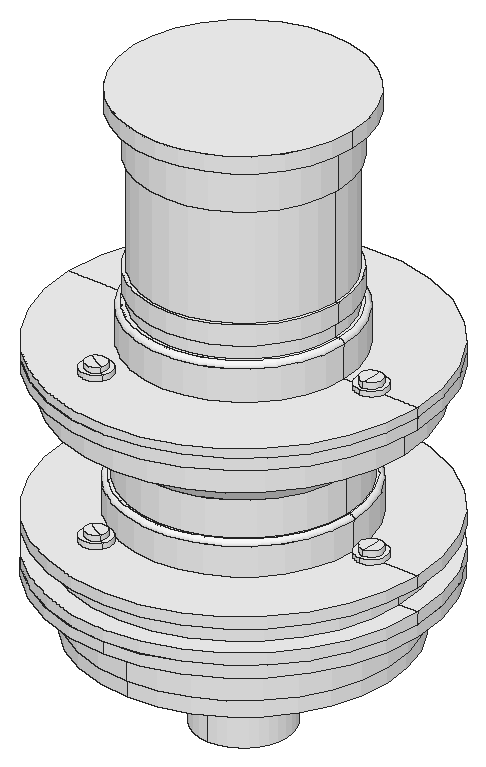
Revit family "F1100-C-PLA", category Plumbing Fixtures, host Face, Revit 2017
Family settings
  Host = Face
  Round Connector Dimension = Use Radius
  Part Type = Normal
  Cut with Voids When Loaded = No
  Shared = No
  Room Calculation Point = No
Parameters (values of type "5" Dia  Strainer - 2" Drain")
  WFU = 0
  URL = "WWW.MIFAB.COM"
  Strainer Diameter = 0' - 6 15/16"
  Strainer Adjustment [instance] = 0' - 1 1/2"
  Pipe Radius = Pipe Diameter / 2  # 0' - 1"
  Pipe Diameter = 0' - 2"
  Model = "F1100-C-PLA"
  Manufacturer = "MIFAB"
  Floor Drain Material = Paint - Sherwin Williams Paint - #952C2A - Bellwood Red
  Domestic Cold Water Radius = 0' - 0 1/4"
  Domestic Cold Water Diameter = Domestic Cold Water Radius * 2  # 0' - 0 1/2"
  Diameter = 0' - 5"
  Description = "PODIUM DRAINS"
  Default Elevation = 0' - 0"
  CWFU = 0
  Body Height = 0' - 3 3/8"
  Assembly Code = ""
Types (6): name | Pipe Radius | Pipe Diameter | Diameter
  (no name) | 0' - 1" | 0' - 2" | 0' - 5"
  5" Dia  Strainer - 2" Drain | 0' - 1" | 0' - 2" | 0' - 5"
  6" Dia  Strainer - 3" Drain | 0' - 1 1/2" | 0' - 3" | 0' - 6"
  7" Dia  Strainer - 4" Drain | 0' - 2" | 0' - 4" | 0' - 7"
  8" Dia  Strainer - 5" Drain | 0' - 2 1/2" | 0' - 5" | 0' - 8"
  10" Dia  Strainer - 6" Drain | 0' - 3" | 0' - 6" | 0' - 10"
Reference planes (in)
  plane 1 "Center (Front/Back)": y = 0
  plane 2: z = 0
  plane 3 "Center (Left/Right)": x = 0
  plane 4: z = -12.975
  plane 5: z = -8.1
  plane 6: y = -1
  plane 7: y = 1
  plane 8: x = -2
  plane 9: x = 2
  plane 10: z = -0.8
  plane 11: z = -4.85
  plane 12: z = -0.35625
  plane 13: z = -5.6
  plane 14: z = -1.35
  plane 15: y = -4
  plane 16: z = -4.35625
  plane 17: z = -9.6
Forms (in)
  Revolve 1, solid, material "Paint - Sherwin Williams Paint - #952C2A - Bellwood Red" <- "Floor Drain Material"
    sketch origin (0, 0.04396, -8.1) x (0, 1, 0) y (0, 0, 1)
      loop
        line (-3.02966, -1.5) -> (-4.04396, -1.5) -> (-4.04396, -1.76052) -> (-3.37507, -1.76052) -> (-3.37507, -2.59834) -> (-3.34424, -2.59834) -> (-3.34424, -2.94618) -> (-1.04396, -3.53113) -> (-1.04396, -4.875) -> (-0.79396, -4.875) -> (-0.79396, -3.32029) -> (-3.02966, -2.75632) -> (-3.02966, -1.5)
      axis (-0.04396, -1.5) -> (-0.04396, -4.875)
    angle from 0 to 360
  Revolve 2, solid, material "Paint - Sherwin Williams Paint - #952C2A - Bellwood Red" <- "Floor Drain Material"
    sketch origin (2.88849, 3.35604, -2.69141) x (0, 1, 0) y (0, 0, 1)
      loop
        line (-3.29765, -2.23931) -> (-3.53152, -2.23931) -> (-3.53152, -2.35802) -> (-3.63503, -2.35802) -> (-3.63503, -2.45938) -> (-3.45781, -2.45938) -> (-3.45781, -3.30762) -> (-3.29765, -3.30762) -> (-3.29765, -2.23931)
      axis (-3.29765, -2.23931) -> (-3.29765, -3.30762)
    angle from 0 to 360
  Revolve 3, solid, material "Paint - Sherwin Williams Paint - #952C2A - Bellwood Red" <- "Floor Drain Material"
    sketch origin (0.4375, 0, -8.375) x (1, 0, 0) y (0, 0, 1)
      loop
        line (-4.4739, -1.90391) -> (-2.8927, -1.90391) -> (-2.8927, -1.5703) -> (-3.81457, -1.5703) -> (-3.90837, -1.65391) -> (-4.4739, -1.65391) -> (-4.4739, -1.90391)
      axis (-2.8927, -1.90391) -> (-4.4739, -1.90391)
    angle from 0 to 360
  Revolve 4, solid, material "Paint - Sherwin Williams Paint - #952C2A - Bellwood Red" <- "Floor Drain Material"
    sketch origin (1.55581, -4.23012, -2.69141) x (0.866025, -0.5, 0) y (0, 0, 1)
      loop
        line (-3.29765, -2.23931) -> (-3.52371, -2.23931) -> (-3.52371, -2.34742) -> (-3.62722, -2.34742) -> (-3.62722, -2.45938) -> (-3.45688, -2.45938) -> (-3.45688, -3.30762) -> (-3.29765, -3.30762) -> (-3.29765, -2.23931)
      axis (-3.29765, -2.23931) -> (-3.29765, -3.30762)
    angle from 0 to 360
  Revolve 5, solid, material "Paint - Sherwin Williams Paint - #952C2A - Bellwood Red" <- "Floor Drain Material"
    sketch origin (-4.30494, 0.8917, -2.69141) x (-0.866025, -0.5, 0) y (0, 0, 1)
      loop
        line (-3.29765, -2.23931) -> (-3.56277, -2.23931) -> (-3.56277, -2.35802) -> (-3.66628, -2.35802) -> (-3.66628, -2.45938) -> (-3.45781, -2.45938) -> (-3.45781, -3.30762) -> (-3.29765, -3.30762) -> (-3.29765, -2.23931)
      axis (-3.29765, -2.23931) -> (-3.29765, -3.30762)
    angle from 0 to 360
  Revolve 6, solid, material "Paint - Sherwin Williams Paint - #952C2A - Bellwood Red" <- "Floor Drain Material"
    sketch origin (0, 0, -4) x (1, 0, 0) y (0, 0, 1)
      loop
        line (2.11108, -1.35) -> (2.11108, -1.74724) -> (2.62539, -1.74724) -> (2.62539, -2.55663) -> (2.1823, -2.99973) -> (2.1823, -4.85) -> (2.38152, -4.85) -> (2.38152, -3.11244) -> (2.88516, -2.6088) -> (2.88516, -2.22499) -> (3.69675, -2.22499) -> (3.69675, -1.6) -> (4, -1.6) -> (4, -1.35) -> (2.11108, -1.35)
      axis (0, -4.85) -> (0, -1.35)
    angle from 0 to 360
  Revolve 7, solid, material "Paint - Sherwin Williams Paint - #952C2A - Bellwood Red" <- "Floor Drain Material"
    sketch origin (0, 0, -4) x (1, 0, 0) y (0, 0, 1)
      loop
        line (3.99992, -5.6) -> (3.99992, -5.34931) -> (3.56486, -5.34931) -> (3.56486, -4.85) -> (3.99992, -4.85) -> (3.99992, -4.6) -> (2.53785, -4.6) -> (2.53785, -3.98066)
        arc (2.53785, -3.98066) -> (2.50853, -3.90988) -> (2.43775, -3.88056) r 0.1001
        line (2.43775, -3.88056) -> (2.3816, -3.88056) -> (2.3816, -4.85) -> (3.31486, -4.85) -> (3.31486, -5.6) -> (3.99992, -5.6)
      axis (0, -5.6) -> (0, -3.88056)
    angle from 0 to 360
  Revolve 8, solid, material "Paint - Sherwin Williams Paint - #952C2A - Bellwood Red" <- "Floor Drain Material"
    sketch origin (0, 0, -4) x (1, 0, 0) y (0, 0, 1)
      loop
        line (4, -1.35) -> (4, -1.15078) -> (2.30758, -1.15078) -> (2.30758, -0.46433)
        arc (2.30758, -0.46433) -> (2.27592, -0.38791) -> (2.1995, -0.35625) r 0.10808
        line (2.1995, -0.35625) -> (2.11049, -0.35625) -> (2.11049, -1.74724) -> (2.30758, -1.74724) -> (2.30758, -1.35) -> (4, -1.35)
      axis (0, -1.74724) -> (0, -0.35625)
    angle from 0 to 360
  Extrusion 9, solid, material "Paint - Sherwin Williams Paint - #952C2A - Bellwood Red" <- "Floor Drain Material"
    sketch origin (0, 0, 0) x (1, 0, 0) y (0, 1, 0)
      loop
        circle (0, 0) r 2.5
    from 0 to -0.35625
  Revolve 10, solid, material "Paint - Sherwin Williams Paint - #952C2A - Bellwood Red" <- "Floor Drain Material"
    sketch origin (0, 0, 0) x (1, 0, 0) y (0, 0, 1)
      loop
        line (2.11049, -4.55781) -> (2.11049, -4.05781) -> (2.18629, -4.05781) -> (2.18629, -3.63729) -> (2.11049, -3.63729) -> (2.11049, -1.31904) -> (2.18629, -1.31904) -> (2.18629, -0.5125) -> (2.11049, -0.5125) -> (2.11049, -0.35625) -> (2.03469, -0.35625) -> (2.03469, -0.59855) -> (2.11049, -0.59855) -> (2.11049, -0.95625) -> (2.03469, -0.95625) -> (2.03469, -4.55781) -> (2.11049, -4.55781)
      axis (0, -4.55781) -> (0, -0.35625)
    angle from 0 to 360
  Revolve 11, solid, material "Paint - Sherwin Williams Paint - #952C2A - Bellwood Red" <- "Floor Drain Material"
    sketch origin (2.88849, 3.35604, -6.14062) x (0, 1, 0) y (0, 0, 1)
      loop
        line (-3.29765, -2.23931) -> (-3.53152, -2.23931) -> (-3.53152, -2.35802) -> (-3.63503, -2.35802) -> (-3.63503, -2.45938) -> (-3.45781, -2.45938) -> (-3.45781, -3.30762) -> (-3.29765, -3.30762) -> (-3.29765, -2.23931)
      axis (-3.29765, -2.23931) -> (-3.29765, -3.30762)
    angle from 0 to 360
  Revolve 12, solid, material "Paint - Sherwin Williams Paint - #952C2A - Bellwood Red" <- "Floor Drain Material"
    sketch origin (1.55581, -4.23012, -6.14062) x (0.866025, -0.5, 0) y (0, 0, 1)
      loop
        line (-3.29765, -2.23931) -> (-3.52371, -2.23931) -> (-3.52371, -2.34742) -> (-3.62722, -2.34742) -> (-3.62722, -2.45938) -> (-3.45688, -2.45938) -> (-3.45688, -3.30762) -> (-3.29765, -3.30762) -> (-3.29765, -2.23931)
      axis (-3.29765, -2.23931) -> (-3.29765, -3.30762)
    angle from 0 to 360
  Revolve 13, solid, material "Paint - Sherwin Williams Paint - #952C2A - Bellwood Red" <- "Floor Drain Material"
    sketch origin (-4.30494, 0.8917, -6.14062) x (-0.866025, -0.5, 0) y (0, 0, 1)
      loop
        line (-3.29765, -2.23931) -> (-3.56277, -2.23931) -> (-3.56277, -2.35802) -> (-3.66628, -2.35802) -> (-3.66628, -2.45938) -> (-3.45781, -2.45938) -> (-3.45781, -3.30762) -> (-3.29765, -3.30762) -> (-3.29765, -2.23931)
      axis (-3.29765, -2.23931) -> (-3.29765, -3.30762)
    angle from 0 to 360
Cuts and joins
  joined: Revolve 1, Revolve 3
Dimensions and locks (in)
  Revolve 1 to Revolve 3 sketch curve = 0' - 0.4184"
  equal spacing: plane 7, plane 1 "Center (Front/Back)", plane 6
  "Pipe Diameter": plane 7 to plane 6
  "Pipe Radius": plane 1 "Center (Front/Back)" to plane 6
  locked: Revolve 3 sketch curve to plane 3 "Center (Left/Right)" at 2.4552
  equal spacing: plane 8, plane 3 "Center (Left/Right)", plane 9
  plane 8 to plane 9 = 0' - 4"
  level to plane 12 to plane 10 = 0' - 0.35625", 0' - 0.44375"
  "Body Height": plane 17 to plane 4
  level to plane 12 = 0' - 0.35625"
  plane 11 to plane 13 = 0' - 0 3/4"
  locked: plane 1 "Center (Front/Back)" to plane 15 at 4
  plane 13 to cut or joined group of Revolve 1, Revolve 3 = 0' - 7 3/8"
  locked: plane 12 to plane 16 at 4
  locked: plane 2 to plane 17 at 9.6
  plane 1 "Center (Front/Back)" to Revolve 1 sketch curve to Revolve 1 sketch curve = 0' - 2.9857" locked, 0' - 0.34541" locked
  "Diameter": diameter of Extrusion 9 sketch curve
  aligned and locked: plane 2 to host face
  aligned and locked: level to host face
  aligned and locked: Extrusion 9 to plane 2
  aligned and locked: Extrusion 9 to plane 12
  aligned and locked: Revolve 1 sketch curve to Revolve 7
Automatic sketch dimensions
  host sketch curve to host sketch curve = 8' - 0"  (x2)
  plane 1 "Center (Front/Back)" to Revolve 2 sketch curve = 0' - 0.27899"
  Revolve 2 sketch curve to Revolve 2 sketch curve = 0' - 0.10351"
  plane 1 "Center (Front/Back)" to Revolve 2 sketch curve = 0' - 0.10177"
  Revolve 2 sketch curve to plane 1 "Center (Front/Back)" = 0' - 0.05839"  (x2)
  Revolve 2 sketch curve to plane 13 = 0' - 0.39902"
  Revolve 2 sketch curve to plane 11 = 0' - 0 77/256"
  Revolve 2 sketch curve to Revolve 2 sketch curve = 0' - 0.10135"
  Revolve 2 sketch curve to plane 11 = 0' - 0.08072"
  Revolve 2 sketch curve to Revolve 2 sketch curve = 0' - 0.3419"
  Revolve 2 sketch curve to Revolve 2 sketch curve = 0' - 0.0875"
  Revolve 3 sketch curve to plane 17 = 0' - 0.3453"
  Revolve 3 sketch curve to Revolve 3 sketch curve = 0' - 0 59/64"
  Revolve 3 sketch curve to Revolve 3 sketch curve = 0' - 0.09379"
  Revolve 3 sketch curve to Revolve 3 sketch curve = 0' - 0.56553"
  Revolve 3 sketch curve to plane 17 = 0' - 0.42891"
  Revolve 3 sketch curve to Revolve 3 sketch curve = 0' - 0.33362"
  Revolve 3 sketch curve to Revolve 3 sketch curve = 0' - 0.22507"
  Revolve 3 sketch curve to Revolve 3 sketch curve = 0' - 0"
  Revolve 3 sketch curve to Revolve 3 sketch curve = 0' - 0 1/4"
  Revolve 4 sketch curve to plane 11 = 0' - 0.18883"
  Revolve 4 sketch curve to Revolve 4 sketch curve = 0' - 0.10351"
  Revolve 4 sketch curve to Revolve 4 sketch curve = 0' - 0.06683"
  Revolve 4 sketch curve to plane 11 = 0' - 0.08072"
  Revolve 4 sketch curve to Revolve 4 sketch curve = 0' - 0.22606"
  Revolve 4 sketch curve to Revolve 4 sketch curve = 0' - 0.11195"
  Revolve 4 sketch curve to plane 13 = 0' - 0.39902"
  Revolve 4 sketch curve to Revolve 4 sketch curve = 0' - 0"
  Revolve 4 sketch curve to Revolve 4 sketch curve = 0' - 0.3419"
  Revolve 4 sketch curve to Revolve 4 sketch curve = 0' - 0.0875"
  Revolve 5 sketch curve to plane 11 = 0' - 0.19943"
  Revolve 5 sketch curve to Revolve 5 sketch curve = 0' - 0.10351"
  Revolve 5 sketch curve to Revolve 5 sketch curve = 0' - 0.10496"
  Revolve 5 sketch curve to plane 11 = 0' - 0.08072"
  Revolve 5 sketch curve to Revolve 5 sketch curve = 0' - 0.26512"
  Revolve 5 sketch curve to Revolve 5 sketch curve = 0' - 0.10135"
  Revolve 5 sketch curve to plane 13 = 0' - 0.39902"
  Revolve 5 sketch curve to Revolve 5 sketch curve = 0' - 0"
  Revolve 5 sketch curve to Revolve 5 sketch curve = 0' - 0.3419"
  Revolve 5 sketch curve to Revolve 5 sketch curve = 0' - 0.0875"
  Revolve 8 sketch curve to plane 3 "Center (Left/Right)" = 0' - 0"
  Revolve 8 sketch curve to plane 16 = 0' - 0"
  Revolve 8 sketch curve to plane 9 = 0' - 0.11049"
  Revolve 8 sketch curve to Revolve 8 sketch curve = 0' - 0.08901"
  Revolve 8 sketch curve to Revolve 8 sketch curve = 0' - 0.19709"
  Revolve 8 sketch curve to Revolve 8 sketch curve = 0' - 0"
  Revolve 8 sketch curve to plane 11 = 0' - 0 77/256"
  Revolve 8 sketch curve to Revolve 8 sketch curve = 0' - 1.69242"
  Revolve 8 sketch curve to Revolve 8 sketch curve = 0' - 0 51/256"
  Revolve 8 sketch curve to plane 13 = 0' - 0.14724"
  Revolve 8 sketch curve to plane 14 = 0' - 1.25625"
  Revolve 8 sketch curve to Revolve 8 sketch curve = 0' - 0 1/4"
  Revolve 10 sketch curve to plane 3 "Center (Left/Right)" = 0' - 0"
  Revolve 10 sketch curve to plane 12 = 0' - 0"
  Revolve 10 sketch curve to plane 9 = 0' - 0.03469"  (x2)
  Revolve 10 sketch curve to Revolve 10 sketch curve = 0' - 0.0758"  (x4)
  plane 14 to Revolve 10 sketch curve = 0' - 0.03096"
  Revolve 10 sketch curve to plane 9 = 0' - 0.11049"  (x2)
  plane 16 to Revolve 10 sketch curve = 0' - 0.71896"
  plane 16 to Revolve 10 sketch curve = 0' - 0.29844"
  Revolve 10 sketch curve to plane 16 = 0' - 0.20156"
  Revolve 10 sketch curve to plane 10 = 0' - 0 5/32"
  plane 10 to Revolve 10 sketch curve = 0' - 0.20145"
  Revolve 10 sketch curve to Revolve 10 sketch curve = 0' - 0.08605"
  level to Revolve 10 sketch curve = 0' - 0.89375"
  Revolve 10 sketch curve to Revolve 10 sketch curve = 0' - 0 1/2"
  plane 1 "Center (Front/Back)" to Revolve 11 sketch curve = 0' - 0.27899"
  Revolve 11 sketch curve to Revolve 11 sketch curve = 0' - 0.10351"
  plane 1 "Center (Front/Back)" to Revolve 11 sketch curve = 0' - 0.10177"
  Revolve 11 sketch curve to plane 1 "Center (Front/Back)" = 0' - 0.05839"  (x2)
  plane 17 to Revolve 11 sketch curve = 0' - 0.15176"
  Revolve 11 sketch curve to Revolve 11 sketch curve = 0' - 0.84824"
  Revolve 11 sketch curve to Revolve 11 sketch curve = 0' - 0.10135"
  Revolve 11 sketch curve to Revolve 11 sketch curve = 0' - 0.11871"
  Revolve 11 sketch curve to plane 17 = 0' - 0.19014"
  Revolve 11 sketch curve to Revolve 11 sketch curve = 0' - 0.0875"
  plane 17 to Revolve 12 sketch curve = 0' - 1.11195"
  Revolve 12 sketch curve to Revolve 12 sketch curve = 0' - 0.10351"
  Revolve 12 sketch curve to Revolve 12 sketch curve = 0' - 0.06683"
  Revolve 12 sketch curve to Revolve 12 sketch curve = 0' - 0.22606"
  Revolve 12 sketch curve to Revolve 12 sketch curve = 0' - 0.11195"
  plane 17 to Revolve 12 sketch curve = 0' - 0.15176"
  Revolve 12 sketch curve to Revolve 12 sketch curve = 0' - 0.10811"
  Revolve 12 sketch curve to Revolve 12 sketch curve = 0' - 0"
  Revolve 12 sketch curve to plane 17 = 0' - 0.19014"
  Revolve 12 sketch curve to Revolve 12 sketch curve = 0' - 0.0875"
  plane 17 to Revolve 13 sketch curve = 0' - 1.10135"
  Revolve 13 sketch curve to Revolve 13 sketch curve = 0' - 0.10351"
  Revolve 13 sketch curve to Revolve 13 sketch curve = 0' - 0.10496"
  Revolve 13 sketch curve to Revolve 13 sketch curve = 0' - 0.26512"
  Revolve 13 sketch curve to Revolve 13 sketch curve = 0' - 0.10135"
  plane 17 to Revolve 13 sketch curve = 0' - 0.15176"
  Revolve 13 sketch curve to Revolve 13 sketch curve = 0' - 0.22007"
  Revolve 13 sketch curve to Revolve 13 sketch curve = 0' - 0"
  Revolve 13 sketch curve to plane 17 = 0' - 0.19014"
  Revolve 13 sketch curve to Revolve 13 sketch curve = 0' - 0.0875"
  Revolve 7 sketch curve to plane 3 "Center (Left/Right)" = 0' - 0"
  Revolve 7 sketch curve to plane 17 = 0' - 0"
  Revolve 7 sketch curve to plane 9 = 0' - 0.3816"
  Revolve 7 sketch curve to Revolve 7 sketch curve = 0' - 0.05615"
  Revolve 7 sketch curve to Revolve 7 sketch curve = 0' - 0.1001"
  Revolve 7 sketch curve to Revolve 7 sketch curve = 0' - 0.777"
  Revolve 7 sketch curve to Revolve 7 sketch curve = 0' - 0 1/4"  (x2)
  Revolve 7 sketch curve to Revolve 7 sketch curve = 0' - 0.43507"  (x2)
  plane 17 to Revolve 7 sketch curve = 0' - 0.25069"
  Revolve 7 sketch curve to Revolve 7 sketch curve = 0' - 0.49931"
  Revolve 7 sketch curve to Revolve 7 sketch curve = 0' - 0"
  Revolve 7 sketch curve to Revolve 7 sketch curve = 0' - 0.61934"
  plane 16 to Revolve 7 sketch curve = 0' - 0.66319"
  Revolve 7 sketch curve to Revolve 7 sketch curve = 0' - 0 3/4"
  Revolve 6 sketch curve to plane 3 "Center (Left/Right)" = 0' - 0"
  Revolve 6 sketch curve to plane 13 = 0' - 0"
  Revolve 6 sketch curve to plane 9 = 0' - 0.11108"
  Revolve 6 sketch curve to plane 9 = 0' - 0.1823"
  Revolve 6 sketch curve to Revolve 6 sketch curve = 0' - 0 51/256"
  Revolve 6 sketch curve to plane 13 = 0' - 0.14724"
  Revolve 6 sketch curve to Revolve 6 sketch curve = 0' - 0.51431"
  Revolve 6 sketch curve to Revolve 6 sketch curve = 0' - 0.25977"
  Revolve 6 sketch curve to Revolve 6 sketch curve = 0' - 0.81159"
  Revolve 6 sketch curve to Revolve 6 sketch curve = 0' - 0.30325"
  Revolve 6 sketch curve to Revolve 6 sketch curve = 0' - 0.47775"
  Revolve 6 sketch curve to Revolve 6 sketch curve = 0' - 0.33165"
  Revolve 6 sketch curve to Revolve 6 sketch curve = 0' - 0.05216"
  Revolve 6 sketch curve to Revolve 6 sketch curve = 0' - 0.44309"
  Revolve 6 sketch curve to Revolve 6 sketch curve = 0' - 0.11271"
  plane 17 to Revolve 6 sketch curve = 0' - 0 3/4"
  plane 13 to Revolve 6 sketch curve = 0' - 0 1/4"
  Revolve 6 sketch curve to plane 14 = 0' - 1 1/4"
  plane 14 to Revolve 6 sketch curve = 0' - 0 1/4"
  Revolve 1 sketch curve to plane 15 = 0' - 0"
  Revolve 1 sketch curve to plane 4 = 0' - 0"  (x2)
  Revolve 1 sketch curve to plane 6 = 0' - 0"
  Revolve 1 sketch curve to plane 1 "Center (Front/Back)" = 0' - 0"
  Revolve 1 sketch curve to Revolve 1 sketch curve = 0' - 0.03083"
  Revolve 1 sketch curve to plane 6 = 0' - 0 1/4"
  plane 4 to Revolve 1 sketch curve = 0' - 1.34387"
  Revolve 1 sketch curve to Revolve 1 sketch curve = 0' - 0.21084"
  Revolve 1 sketch curve to plane 17 = 0' - 1.44618"
  Revolve 1 sketch curve to Revolve 1 sketch curve = 0' - 0.18986"
  Revolve 1 sketch curve to Revolve 1 sketch curve = 0' - 0.34784"
  Revolve 1 sketch curve to Revolve 1 sketch curve = 0' - 0.26052"
  Revolve 1 sketch curve to plane 17 = 0' - 0 1/4"
  plane 1 "Center (Front/Back)" to Extrusion 9 sketch curve = 0' - 0"
  Extrusion 9 sketch curve to plane 3 "Center (Left/Right)" = 0' - 0"
Connectors (in)
  piping at (-4.0364, 0, -10.27891), diameter 0.5, driven by "Domestic Cold Water Radius", driven by "CWFU"
    settings: on Revolve 3, index 1, connector inside diameter 1/2", connector length 0' - 0", flow factor 0, pipe flow 0 GPM, pressure drop 0.00 psi, fitting loss kfactor 0, connector angle 0.00°, fixture units 0, engagement length 0' - 0", angle of deflection 0.00°, flow configuration 3, flow direction 1, fitting loss method 0, system type 20, joint type 0, gender type 0, connector reference index -1, connector utility 0, adjustable connector no, is connector primary yes, connector description "Domestic Cold Water In"
  piping at (0, 0, -12.975), diameter 2, driven by "Pipe Radius", driven by "WFU"
    settings: on Revolve 1, index 2, connector inside diameter 2", connector length 0' - 0", flow factor 0, pipe flow 0 GPM, pressure drop 0.00 psi, fitting loss kfactor 0, connector angle 0.00°, fixture units 0, engagement length 0' - 0", angle of deflection 0.00°, flow configuration 3, flow direction 2, fitting loss method 0, system type 16, joint type 0, gender type 0, connector reference index -1, connector utility 0, adjustable connector no, is connector primary no, connector description "Sanitary Out"
